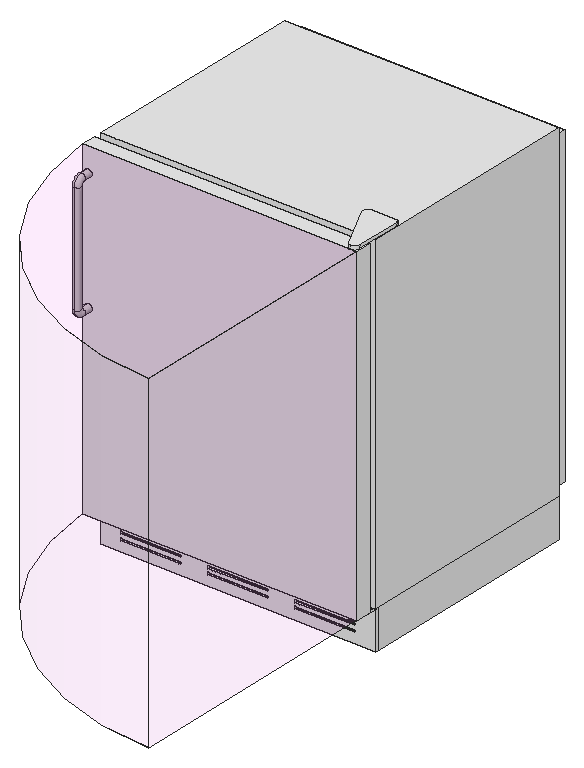
Revit family "QF_Summit_FF6WBIADA_Refrigerator", category Specialty Equipment, Revit 2020
Family settings
  Round Connector Dimension = Use Diameter
  Part Type = Normal
  Work Plane-Based = No
  Always vertical = Yes
  Cut with Voids When Loaded = No
  Shared = No
  Room Calculation Point = No
Parameters
  Weight in Pounds = 100
  Watts = Volts * FL Amps  # 161 W
  Volts = 115 V
  URL Cutsheet = ""
  Specification by User = ""
  Specification by Manufacturer = ""
  Show LHD [instance] = no
  Right Hinged Door [instance] = not(Show LHD)  # yes
  Serial Number = ""
  Seismic Rating = ""
  SMACNA No = ""
  Revision Code = ""
  Refrigerant Volume = 0.00 kip
  Refrigerant Type = "R600a"
  Phase = 1
  Number of Poles = 1
  NAFEM Spec ID Number = ""
  Model = "FF6WBIADA"
  Min Ckt Ampacity = 0 A
  Max Overcurrent Protection = 0 A
  Masterspec = ""
  Manufacturer = "Summit"
  Length = 23 5/8"
  Item Number = ""
  Installed By = ""
  Identify Quantity as Lot = yes
  Height = 32 1/4"
  HP = ""
  Furnished By = ""
  Foodservice Equipment Identifier = yes
  FL Amps = 1.4 A
  Electrical Remarks = ""
  Electric Connection Type = ""
  Elec Conn RI Height = 0"
  Elec Conn Connection Height = 0"
  Description = "Refrigerator"
  Depth = 23"
  Default Elevation = 0"
  Cycle = 60 Hz
  Conn Plug = ""
  Conn Conduit = yes
  CSI MasterFormat = ""
  BTUH = 0.0 Btu/h
  Apparent Power = if(Phase = 3, Volts * FL Amps * 1.73, Volts * FL Amps)  # 161 VA
Reference planes (in)
  plane 1 "BACK": y = 0
  plane 2: z = 0
  plane 3 "LEFT": x = 0
  plane 4 "RIGHT": x = 23.625
  plane 5 "FRONT": y = -23
  plane 6 "TOP": z = 32.25
  plane 7 "Center Y": x = 11.8125
  plane 8 "Center X": y = -11.5
  plane 9: z = 32
  plane 10: y = -24.5
  plane 11: y = -45.375
  plane 12: y = -1.25
  plane 13: y = -21
  plane 14: x = 15.625
  plane 15: z = 3.5
  plane 16: z = 0.25
Forms (in)
  Extrusion 1, solid, material "QF_Clearances_Door_Drawer", visible <- "Right Hinged Door"
    sketch origin (-5.77638, -180, 3.5) x (0, -1, 0) y (-1, 0, 0)
      loop
        line (-157, -29.40138) -> (-134.625, -29.40138)
        arc (-134.625, -29.40138) -> (-141.23974, -13.26493) -> (-157, -5.79807) r 24.13488
        line (-157, -5.79807) -> (-157, -29.40138)
    from 0 to -28.5
  Extrusion 2, solid, material "QF_Metallic_Paint_White_Smooth"
    sketch origin (-4.07558, -180, 0.375) x (-1, 0, 0) y (0, -1, 0)
      loop
        line (-4.07558, -178.75) -> (-4.07558, -159) -> (-27.70058, -159) -> (-27.70058, -178.75) -> (-4.07558, -178.75)
    from 3.125 to 31.625
  Extrusion 3, solid, material "QF_Metallic_Paint_White_Smooth"
    sketch origin (-5.77638, -180.25, 3.625) x (-1, 0, 0) y (0, -1, 0)
      loop
        line (-5.77638, -157.25) -> (-29.40138, -157.25) -> (-29.40138, -158.61283) -> (-5.77638, -158.61283) -> (-5.77638, -157.25)
    from -0.125 to 28.375
  Extrusion 4, solid, material "QF_Metallic_Paint_White_Smooth"
    sketch origin (23.625, -21.63717, 3.625) x (-1, 0, 0) y (0, 0, 1)
      loop
        line (0.5, 0.375) -> (23.125, 0.375) -> (23.125, 27.875) -> (0.5, 27.875) -> (0.5, 0.375)
    from 0 to 0.63717
  Extrusion 5, solid, material "QF_Metallic_Paint_White_Smooth", visible <- "Right Hinged Door"
    sketch origin (-5.77638, -180.25, 32) x (-1, 0, 0) y (0, -1, 0)
      loop
        arc (-29.27619, -161.72812) -> (-29.20297, -161.9049) -> (-29.02619, -161.97812) r 0.25
        line (-29.02619, -161.97812) -> (-26.9149, -161.97812)
        arc (-26.9149, -161.97812) -> (-26.55876, -161.77457) -> (-26.55339, -161.36441) r 0.41333
        line (-26.55339, -161.36441) -> (-28.47012, -157.54371)
        arc (-28.47012, -157.54371) -> (-28.95386, -157.33588) -> (-29.27619, -157.75217) r 0.42999
        line (-29.27619, -157.75217) -> (-29.27619, -161.72812)
    from 0 to 0.25
  Extrusion 6, solid, material "QF_Metallic_Paint_White_Smooth", visible <- "Right Hinged Door"
    sketch origin (-5.77638, -180, 3.5) x (0, 1, 0) y (1, 0, 0)
      loop
        line (159, 29.27619) -> (157.50217, 29.27619)
        arc (157.50217, 29.27619) -> (157.08588, 28.95386) -> (157.29371, 28.47012) r 0.42999
        line (157.29371, 28.47012) -> (159, 27.61413) -> (159, 29.27619)
    from 0 to 0.125
  Extrusion 7, solid, material "QF_Metallic_Paint_White_Smooth"
    sketch origin (-12.48311, -21, 48.125) x (-1, 0, 0) y (0, 0, 1)
      loop
        line (-12.48311, -44.625) -> (-36.10811, -44.625) -> (-36.10811, -47.875) -> (-12.48311, -47.875) -> (-12.48311, -44.625)
      loop
        line (-14.18872, -45.26011) -> (-19.43872, -45.26011) -> (-19.43872, -45.51011) -> (-14.18872, -45.51011) -> (-14.18872, -45.26011)
      loop
        line (-14.18872, -45.76011) -> (-19.43872, -45.76011) -> (-19.43872, -46.01011) -> (-14.18872, -46.01011) -> (-14.18872, -45.76011)
      loop
        line (-14.18872, -46.26011) -> (-19.43872, -46.26011) -> (-19.43872, -46.51011) -> (-14.18872, -46.51011) -> (-14.18872, -46.26011)
      loop
        line (-14.18872, -46.76011) -> (-19.43872, -46.76011) -> (-19.43872, -47.01011) -> (-14.18872, -47.01011) -> (-14.18872, -46.76011)
      loop
        line (-21.67061, -45.26011) -> (-26.92061, -45.26011) -> (-26.92061, -45.51011) -> (-21.67061, -45.51011) -> (-21.67061, -45.26011)
      loop
        line (-21.67061, -45.76011) -> (-26.92061, -45.76011) -> (-26.92061, -46.01011) -> (-21.67061, -46.01011) -> (-21.67061, -45.76011)
      loop
        line (-21.67061, -46.26011) -> (-26.92061, -46.26011) -> (-26.92061, -46.51011) -> (-21.67061, -46.51011) -> (-21.67061, -46.26011)
      loop
        line (-21.67061, -46.76011) -> (-26.92061, -46.76011) -> (-26.92061, -47.01011) -> (-21.67061, -47.01011) -> (-21.67061, -46.76011)
      loop
        line (-34.40249, -45.26011) -> (-34.40249, -45.51011) -> (-29.15249, -45.51011) -> (-29.15249, -45.26011) -> (-34.40249, -45.26011)
      loop
        line (-34.40249, -45.76011) -> (-34.40249, -46.01011) -> (-29.15249, -46.01011) -> (-29.15249, -45.76011) -> (-34.40249, -45.76011)
      loop
        line (-34.40249, -46.26011) -> (-34.40249, -46.51011) -> (-29.15249, -46.51011) -> (-29.15249, -46.26011) -> (-34.40249, -46.26011)
      loop
        line (-34.40249, -46.76011) -> (-34.40249, -47.01011) -> (-29.15249, -47.01011) -> (-29.15249, -46.76011) -> (-34.40249, -46.76011)
    from 0 to 0.25
  Extrusion 8, solid, material "QF_Metallic_Paint_White_Smooth"
    sketch origin (-12.48311, -1, 48.125) x (-1, 0, 0) y (0, 0, 1)
      loop
        line (-12.48311, -44.625) -> (-36.10811, -44.625) -> (-36.10811, -47.875) -> (-12.48311, -47.875) -> (-12.48311, -44.625)
    from -19.75 to -0.25
  Extrusion 9, solid, material "QF_Metallic_Paint_White_Smooth"
    sketch origin (0, 0, 0.125) x (1, 0, 0) y (0, 1, 0)
      loop
        circle (3.1104, -19) r 0.5
      loop
        circle (3.1104, -3.25) r 0.5
      loop
        circle (18.67791, -19) r 0.5
      loop
        circle (18.67791, -3.25) r 0.5
    from -0.125 to 0.125
  Extrusion 10, solid, material "QF_Metallic_Paint_White_Smooth"
    sketch origin (-1.83669, -1.25, 0.375) x (1, 0, 0) y (0, 0, -1)
      loop
        circle (17.46169, -0.84684) r 0.25
    from 0 to 0.25
  Extrusion 11, solid, material "QF_Metallic_Paint_White_Smooth"
    sketch origin (0, -0.75, 17.875) x (0, -1, 0) y (1, 0, 0)
      loop
        line (-0.75, 0.5) -> (0.5, 0.5) -> (0.5, 23.125) -> (-0.75, 23.125) -> (-0.75, 0.5)
    from -13.875 to 13.25
  Sweep 12, solid, material "QF_Metal_Stainless_Polished", visible <- "Right Hinged Door"
    path origin (0.5, -0.25, 0.125) x (0, 1, 0) y (0, 0, 1)
      loop
        line (-22.75, 30.125) -> (-23.5, 30.125)
        arc (-23.5, 30.125) -> (-24.03033, 29.90533) -> (-24.25, 29.375) r 0.75
        line (-24.25, 29.375) -> (-24.25, 19.875)
        arc (-24.25, 19.875) -> (-24.03033, 19.34467) -> (-23.5, 19.125) r 0.75
        line (-23.5, 19.125) -> (-22.75, 19.125)
    profile origin (0.5, -23.375, 30.25) x (0, 0, -1) y (1, 0, 0)
      loop
        circle (0.3, 0) r 0.3
  Extrusion 13, solid, material "QF_Clearances_Door_Drawer", visible <- "Show LHD"
    sketch origin (29.40138, -180, 3.5) x (0, 1, 0) y (1, 0, 0)
      loop
        line (157, -29.40138) -> (157, -5.79807)
        arc (157, -5.79807) -> (141.23974, -13.26493) -> (134.625, -29.40138) r 24.13488
        line (134.625, -29.40138) -> (157, -29.40138)
    from 0 to -28.5
  Extrusion 14, solid, material "QF_Metallic_Paint_White_Smooth", visible <- "Show LHD"
    sketch origin (29.40138, -180.25, 32) x (1, 0, 0) y (0, 1, 0)
      loop
        line (-29.27619, 161.72812) -> (-29.27619, 157.75217)
        arc (-29.27619, 157.75217) -> (-28.95386, 157.33588) -> (-28.47012, 157.54371) r 0.42999
        line (-28.47012, 157.54371) -> (-26.55339, 161.36441)
        arc (-26.55339, 161.36441) -> (-26.55876, 161.77457) -> (-26.9149, 161.97812) r 0.41333
        line (-26.9149, 161.97812) -> (-29.02619, 161.97812)
        arc (-29.02619, 161.97812) -> (-29.20297, 161.9049) -> (-29.27619, 161.72812) r 0.25
    from 0 to 0.25
  Extrusion 15, solid, material "QF_Metallic_Paint_White_Smooth", visible <- "Show LHD"
    sketch origin (29.40138, -180, 3.5) x (0, -1, 0) y (-1, 0, 0)
      loop
        line (-159, 29.27619) -> (-159, 27.61413) -> (-157.29371, 28.47012)
        arc (-157.29371, 28.47012) -> (-157.08588, 28.95386) -> (-157.50217, 29.27619) r 0.42999
        line (-157.50217, 29.27619) -> (-159, 29.27619)
    from 0 to 0.125
  Sweep 16, solid, material "QF_Metal_Stainless_Polished", visible <- "Show LHD"
    path origin (23.125, -0.25, 0.125) x (0, 1, 0) y (0, 0, -1)
      loop
        line (-22.75, -30.125) -> (-23.5, -30.125)
        arc (-23.5, -30.125) -> (-24.03033, -29.90533) -> (-24.25, -29.375) r 0.75
        line (-24.25, -29.375) -> (-24.25, -19.875)
        arc (-24.25, -19.875) -> (-24.03033, -19.34467) -> (-23.5, -19.125) r 0.75
        line (-23.5, -19.125) -> (-22.75, -19.125)
    profile origin (23.125, -23.375, 30.25) x (0, 0, 1) y (-1, 0, 0)
      loop
        circle (-0.3, 0) r 0.3
Lines and regions (in)
  symbolic lines
    curve 1: line (23.625, -1.25, 0) -> (0, -1.25, 0)
    curve 2: line (23.125, 0, 0) -> (0.5, 0, 0)
    curve 3: line (0.5, 0, 0) -> (0.5, -1.25, 0)
    curve 4: line (23.125, -1.25, 0) -> (23.125, 0, 0)
    curve 5: line (0, -1.25, 0) -> (0, -21, 0)
    curve 6: line (23.625, -21, 0) -> (23.625, -1.25, 0)
    curve 22: line (23.49982, -21, 0) -> (23.625, -21, 0)
    curve 23: line (22.1574, -21.63717, 0) -> (1.4676, -21.63717, 0)
    curve 37: line (1.78725, -21, 0) -> (21.83775, -21, 0)
    curve 40: line (0.12518, -21.63717, 0) -> (0, -21.63717, 0)
  symbolic lines, style "SpecialityEquipment", visible <- "Right Hinged Door"
    curve 7: line (23.24982, -18.27188, 0) -> (21.13852, -18.27188, 0)
    curve 8: arc (21.13852, -18.27188, 0) -> (20.78238, -18.47543, 0) -> (20.77701, -18.88559, 0) r 0.41333
    curve 9: line (20.77701, -18.88559, 0) -> (22.69374, -22.70629, 0)
    curve 10: arc (22.69374, -22.70629, 0) -> (23.17748, -22.91412, 0) -> (23.49982, -22.49783, 0) r 0.42999
    curve 11: line (23.49982, -22.49783, 0) -> (23.49982, -18.52188, 0)
    curve 12: arc (23.49982, -18.52188, 0) -> (23.42659, -18.3451, 0) -> (23.24982, -18.27188, 0) r 0.25
    curve 17: line (0.5, -21, 0) -> (0.5, -21.63717, 0)
    curve 19: line (0.20004, -24.20003, 0) -> (0.20004, -23, 0)
    curve 20: line (0.79999, -23, 0) -> (0.79999, -24.20003, 0)
    curve 21: arc (0.20004, -24.20003, 0) -> (0.50001, -24.5, 0) -> (0.79999, -24.20003, 0) r 0.29997
  symbolic lines, style "SpecialityEquipment"
    curve 13: line (23.625, -23, 0) -> (23.625, -21.63717, 0)
    curve 14: line (0, -23, 0) -> (23.625, -23, 0)
    curve 15: line (23.625, -21.63717, 0) -> (23.49982, -21.63717, 0)
    curve 16: line (0, -21, 0) -> (0.12518, -21, 0)
    curve 18: line (0, -21.63717, 0) -> (0, -23, 0)
  symbolic lines, style "QF_Clearances_Door_Drawer", visible <- "Right Hinged Door"
    curve 24: line (23.625, -23, 0) -> (3.86412, -34.40895, 0)
    curve 25: arc (3.86412, -34.40895, 0) -> (1.22013, -28.9479, 0) -> (0.02169, -23, 0) r 24.13488
  symbolic lines, style "SpecialityEquipment", visible <- "Show LHD"
    curve 26: line (0.37518, -18.27188, 0) -> (2.48648, -18.27188, 0)
    curve 27: arc (2.48648, -18.27188, 0) -> (2.84262, -18.47543, 0) -> (2.84799, -18.88559, 0) r 0.41333
    curve 28: line (2.84799, -18.88559, 0) -> (0.93126, -22.70629, 0)
    curve 29: arc (0.93126, -22.70629, 0) -> (0.44752, -22.91412, 0) -> (0.12518, -22.49783, 0) r 0.42999
    curve 30: line (0.12518, -22.49783, 0) -> (0.12518, -18.52188, 0)
    curve 31: arc (0.12518, -18.52188, 0) -> (0.19841, -18.3451, 0) -> (0.37518, -18.27188, 0) r 0.25
    curve 32: line (23.42496, -24.20003, 0) -> (23.42496, -23, 0)
    curve 33: line (22.82501, -23, 0) -> (22.82501, -24.20003, 0)
    curve 34: arc (23.42496, -24.20003, 0) -> (23.12499, -24.5, 0) -> (22.82501, -24.20003, 0) r 0.29997
    curve 41: line (23.125, -21, 0) -> (23.125, -21.63717, 0)
  symbolic lines, style "QF_Clearances_Door_Drawer", visible <- "Show LHD"
    curve 35: line (0, -23, 0) -> (19.76088, -34.40895, 0)
    curve 36: arc (19.76088, -34.40895, 0) -> (22.40487, -28.9479, 0) -> (23.60331, -23, 0) r 24.13488
  symbolic lines, visible <- "Right Hinged Door"
    curve 38: line (0.12518, -21, 0) -> (1.78725, -21, 0)
    curve 39: line (1.4676, -21.63717, 0) -> (0.12518, -21.63717, 0)
  symbolic lines, visible <- "Show LHD"
    curve 42: line (23.49982, -21, 0) -> (21.83775, -21, 0)
    curve 43: line (22.1574, -21.63717, 0) -> (23.49982, -21.63717, 0)
Dimensions and locks (in)
  equal spacing: plane 3 "LEFT", plane 7 "Center Y", plane 4 "RIGHT"
  "Length": plane 3 "LEFT" to plane 4 "RIGHT"
  equal spacing: plane 5 "FRONT", plane 8 "Center X", plane 1 "BACK"
  "Depth": plane 5 "FRONT" to plane 1 "BACK"
  "Height": plane 6 "TOP" to level
  plane 4 "RIGHT" to plane 3 "LEFT" = 23 5/8"
  locked: plane 6 "TOP" to plane 9 at 0.25
  locked: plane 10 to plane 5 "FRONT" at 1.5
  plane 1 "BACK" to plane 12 = 1 1/4"
  plane 12 to plane 13 = 19 3/4"
  plane 9 to plane 2 = 32"
  plane 11 to plane 1 "BACK" = 45 3/8"
  plane 15 to plane 16 = 3 1/4"
  plane 16 to plane 2 = 1/4"
  plane 14 to plane 4 "RIGHT" = 8"
  aligned and locked: level to plane 2
Automatic sketch dimensions
  plane 5 "FRONT" to Extrusion 1 sketch curve = 0"
  Extrusion 1 sketch curve to plane 4 "RIGHT" = 0"
  Extrusion 1 sketch curve to plane 11 = 0"
  Extrusion 1 sketch curve to plane 13 = 0.24465"
  plane 3 "LEFT" to Extrusion 1 sketch curve = 0.02169"
  Extrusion 2 sketch curve to plane 4 "RIGHT" = 0"
  Extrusion 2 sketch curve to plane 3 "LEFT" = 0"
  Extrusion 2 sketch curve to plane 12 = 0"
  Extrusion 2 sketch curve to plane 13 = 0"
  Extrusion 3 sketch curve to plane 4 "RIGHT" = 0"
  Extrusion 3 sketch curve to plane 3 "LEFT" = 0"
  plane 5 "FRONT" to Extrusion 3 sketch curve = 0"
  Extrusion 3 sketch curve to plane 13 = 0.63717"
  Extrusion 3 to Extrusion 4 sketch curve = 1/2"  (x3)
  Extrusion 4 sketch curve to Extrusion 3 = 1/2"
  Extrusion 5 sketch curve to Extrusion 3 = 0.12518"
  Extrusion 5 sketch curve to Extrusion 5 sketch curve = 1/4"
  Extrusion 5 sketch curve to Extrusion 5 sketch curve = 0.42999"
  Extrusion 5 sketch curve to Extrusion 3 = 0.29371"
  Extrusion 5 sketch curve to Extrusion 5 sketch curve = 0.37608"
  Extrusion 5 sketch curve to Extrusion 5 sketch curve = 2.1113"
  Extrusion 5 sketch curve to Extrusion 5 sketch curve = 0.36151"
  Extrusion 3 to Extrusion 5 sketch curve = 2.75158"
  Extrusion 5 sketch curve to Extrusion 5 sketch curve = 0.20039"
  Extrusion 6 sketch curve to plane 13 = 0"
  Extrusion 6 sketch curve to plane 5 "FRONT" = 0.50217"
  Extrusion 6 sketch curve to plane 5 "FRONT" = 0.29371"
  plane 4 "RIGHT" to Extrusion 6 sketch curve = 0.12518"
  Extrusion 6 sketch curve to Extrusion 6 sketch curve = 0.42999"
  Extrusion 6 sketch curve to Extrusion 6 sketch curve = 1.66207"
  plane 4 "RIGHT" to Extrusion 7 sketch curve = 0"
  Extrusion 7 sketch curve to plane 3 "LEFT" = 0"
  Extrusion 7 sketch curve to plane 16 = 0"
  Extrusion 7 sketch curve to plane 15 = 0"
  plane 4 "RIGHT" to Extrusion 7 sketch curve = 1.70562"
  Extrusion 7 sketch curve to Extrusion 7 sketch curve = 0"  (x18)
  Extrusion 7 sketch curve to plane 14 = 1.04438"
  plane 14 to Extrusion 7 sketch curve = 1 3/16"
  Extrusion 7 sketch curve to plane 15 = 1.13511"
  Extrusion 7 sketch curve to plane 7 "Center Y" = 2 5/8"
  plane 16 to Extrusion 7 sketch curve = 1.11489"
  Extrusion 7 sketch curve to Extrusion 7 sketch curve = 2.23188"
  plane 3 "LEFT" to Extrusion 7 sketch curve = 1.70562"
  plane 16 to Extrusion 7 sketch curve = 0.86489"  (x2)
  Extrusion 7 sketch curve to Extrusion 7 sketch curve = 1/4"  (x20)
  plane 4 "RIGHT" to Extrusion 8 sketch curve = 0"
  Extrusion 8 sketch curve to plane 3 "LEFT" = 0"
  Extrusion 8 sketch curve to plane 16 = 0"
  Extrusion 8 sketch curve to plane 15 = 0"
  plane 3 "LEFT" to Extrusion 9 sketch curve = 3.1104"  (x2)
  Extrusion 9 sketch curve to plane 14 = 3.05291"  (x2)
  plane 13 to Extrusion 9 sketch curve = 2"  (x2)
  Extrusion 9 sketch curve to plane 12 = 2"  (x2)
  Extrusion 10 sketch curve to Extrusion 2 = 2.27816"
  Extrusion 10 sketch curve to Extrusion 2 = 8"
  plane 1 "BACK" to Extrusion 11 sketch curve = 0"
  Extrusion 11 sketch curve to plane 12 = 0"
  plane 3 "LEFT" to Extrusion 11 sketch curve = 1/2"
  plane 4 "RIGHT" to Extrusion 11 sketch curve = 1/2"
  Sweep 12 sketch curve to plane 10 = 0"
  Sweep 12 sketch curve to plane 5 "FRONT" = 0"  (x2)
  plane 5 "FRONT" to Sweep 12 sketch curve = 3/4"  (x2)
  Sweep 12 sketch curve to plane 9 = 12 3/4"
  Sweep 12 sketch curve to plane 9 = 2 1/2"
  Sweep 12 sketch curve to profile plane = 0"
  Sweep 12 sketch curve to profile plane = 0.3"
  Extrusion 13 sketch curve to plane 3 "LEFT" = 0"
  Extrusion 13 sketch curve to plane 11 = 0"
  plane 5 "FRONT" to Extrusion 13 sketch curve = 0"
  Extrusion 13 sketch curve to plane 13 = 0.24465"
  plane 4 "RIGHT" to Extrusion 13 sketch curve = 0.02169"
  Extrusion 14 sketch curve to Extrusion 3 = 0.12518"
  Extrusion 14 sketch curve to Extrusion 14 sketch curve = 1/4"
  Extrusion 14 sketch curve to Extrusion 14 sketch curve = 0.42999"
  Extrusion 14 sketch curve to Extrusion 3 = 0.29371"
  Extrusion 14 sketch curve to Extrusion 14 sketch curve = 0.37608"
  Extrusion 14 sketch curve to Extrusion 14 sketch curve = 2.1113"
  Extrusion 14 sketch curve to Extrusion 14 sketch curve = 0.36151"
  Extrusion 3 to Extrusion 14 sketch curve = 2.75158"
  Extrusion 14 sketch curve to Extrusion 14 sketch curve = 0.20039"
  Extrusion 15 sketch curve to plane 13 = 0"
  plane 3 "LEFT" to Extrusion 15 sketch curve = 0.12518"
  Extrusion 15 sketch curve to plane 5 "FRONT" = 0.50217"
  Extrusion 15 sketch curve to plane 5 "FRONT" = 0.29371"
  Extrusion 15 sketch curve to Extrusion 15 sketch curve = 0.42999"
  Extrusion 15 sketch curve to Extrusion 15 sketch curve = 1.66207"
  Sweep 16 sketch curve to plane 10 = 0"
  Sweep 16 sketch curve to plane 5 "FRONT" = 0"  (x2)
  plane 5 "FRONT" to Sweep 16 sketch curve = 3/4"  (x2)
  Sweep 16 sketch curve to plane 9 = 1 3/4"
  Sweep 16 sketch curve to Sweep 16 sketch curve = 9 1/2"
  profile plane to Sweep 16 sketch curve = 0"
  profile plane to Sweep 16 sketch curve = 0.3"
  curve 1 to plane 3 "LEFT" = 0"
  curve 35 to plane 3 "LEFT" = 0"
  plane 5 "FRONT" to curve 25 = 0"
  curve 38 to plane 13 = 0"
  curve 16 to plane 13 = 0"
  plane 1 "BACK" to curve 2 = 0"
  curve 3 to plane 12 = 0"
  curve 37 to plane 13 = 0"
  curve 42 to plane 13 = 0"
  curve 22 to plane 13 = 0"
  curve 6 to plane 4 "RIGHT" = 0"
  curve 24 to plane 4 "RIGHT" = 0"
  curve 36 to plane 3 "LEFT" = 0.46765"
  plane 3 "LEFT" to curve 30 = 0.12518"
  plane 3 "LEFT" to curve 19 = 0.20004"
  curve 30 to curve 26 = 1/4"
  plane 3 "LEFT" to curve 2 = 1/2"
  curve 19 to curve 21 = 0.29997"
  curve 30 to curve 29 = 0.42999"
  curve 28 to plane 5 "FRONT" = 0.29371"
  curve 20 to curve 28 = 0.13127"
  curve 23 to plane 13 = 0.63717"
  curve 28 to curve 23 = 0.53634"
  curve 26 to curve 26 = 2.1113"
  plane 13 to curve 28 = 2.11441"
  plane 3 "LEFT" to curve 24 = 3.86412"
  plane 4 "RIGHT" to curve 35 = 3.86412"
  plane 4 "RIGHT" to curve 9 = 2.84799"
  curve 9 to curve 8 = 0.36151"
  curve 9 to plane 5 "FRONT" = 0.29371"
  plane 4 "RIGHT" to curve 9 = 0.93126"
  plane 4 "RIGHT" to curve 33 = 0.79999"
  curve 9 to curve 10 = 0.37608"
  curve 34 to curve 34 = 0.29997"
  plane 4 "RIGHT" to curve 4 = 1/2"
  plane 4 "RIGHT" to curve 7 = 0.37518"
  plane 4 "RIGHT" to curve 11 = 0.12518"
  curve 25 to plane 4 "RIGHT" = 0.46765"
  plane 10 to curve 19 = 0.29997"
  plane 10 to curve 34 = 0.29997"
  curve 35 to plane 10 = 9.90895"
  curve 24 to plane 10 = 9.90895"
  curve 18 to curve 5 = 0.63717"
  curve 15 to plane 13 = 0.63717"
  curve 39 to curve 40 = 0"
  curve 25 to plane 13 = 0.24465"
  curve 36 to plane 13 = 0.24465"
  plane 13 to curve 9 = 2.11441"
  curve 9 to curve 8 = 0.20039"
  curve 28 to curve 27 = 0.20039"
  curve 16 to curve 17 = 0.37482"
  curve 43 to curve 23 = 0"
  curve 41 to curve 42 = 0.37482"
  radius of Extrusion 9 sketch curve = 1/2"  (x4)
  radius of Extrusion 10 sketch curve = 1/4"
  radius of Sweep 12 sketch curve = 0.3"
  radius of Sweep 16 sketch curve = 0.3"
Connectors (in)
  electrical at (15.625, -1, 1.22184), driven by "Volts", driven by "Watts"
    settings: on Extrusion 10, index 2, voltage 115 V, apparent load 161 VA, apparent load phase1 0 VA, apparent load phase2 0 VA, apparent load phase3 0 VA, power factor 1, load classification "Other", number of poles 1, system type 30, power factor state 1, is connector primary yes, connector utility no, sub classification motor no, connector description ""
